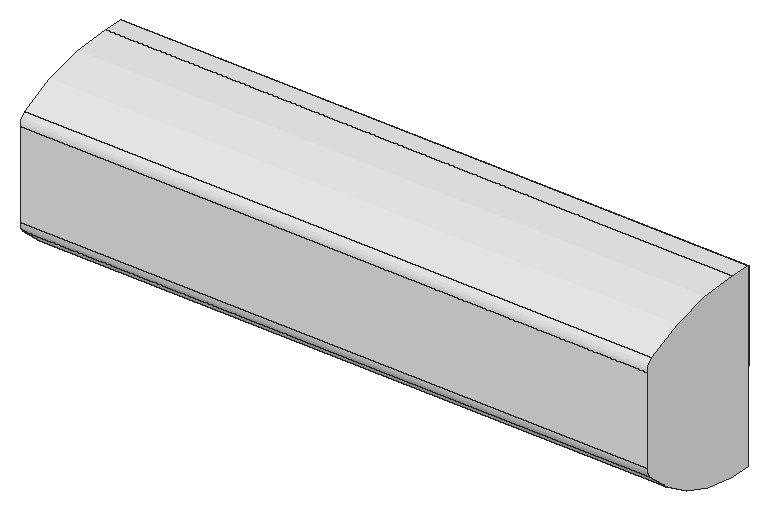
Revit family "Hitachi_RAS-50YHA3_RAS-60YHA3_VER2_0813", category Mechanical Equipment, Revit 2013
Parameters (values of type "RAS-60YHA3")
  show Overhead Dashed [instance] = no
  show Geometry [instance] = not(show Overhead Dashed)  # yes
  Width = 1030 mm  # constant formula
  Weight (kg) = 11  # constant formula
  URL = "www.temperzone.biz"
  Pipe Length (min./max.) = "3m to 30m"
  Pipe Height (max.) = "20m"
  Pipe Connection Size - Gas = 12.7 mm  # 12.70 mm
  Pip Connection Size - Liquid = 6.4 mm  # 6.40 mm
  Model - Outdoor = "RAC-60YHA3"
  Model = "RAS-60YHA3"
  Manufacturer = "Hitachi"  # constant formula
  Height = 295 mm  # constant formula
  Heating Range (kW) = "0.9 kW to 7.5 kW"
  Heating Capacity = 7 kW
  Energy Star = no
  Description = "Hitachi Wall Mounted 6.0kW Heatpump RAS-60YHA3"
  Depth = 207 mm  # constant formula
  Dehumidifying Capacity = "2.8 l/h"
  Cooling Range (kW) = "0.9 kW to 6.8 kW"
  Cooling Capacity = 6 kW
Types (2, lengths in mm): name | Pipe Height (max.) | Model - Outdoor | Model | Heating Range (kW) | Heating Capacity | Energy Star | Description | Cooling Range (kW) | Cooling Capacity
  RAS-60YHA3 | "20m" | "RAC-60YHA3" | "RAS-60YHA3" | "0.9 kW to 7.5 kW" | 7 kW | no | "Hitachi Wall Mounted 6.0kW Heatpump RAS-60YHA3" | "0.9 kW to 6.8 kW" | 6 kW
  RAS-50YHA3 | "10m" | "RAC-50YHA3" | "RAS-50YHA3" | "0.9 kW to 6.8 kW" | 6.1 kW | yes | "Hitachi Wall Mounted 5.0kW Heatpump RAS-50YHA3" | "0.9 kW to 5.8 kW" | 5 kW
Reference planes
  plane 1 "Center (Front/Back)": y = 0
  plane 2: z = 0
  plane 3 "Center (Left/Right)": x = 0
  plane 4: x = -515
  plane 5: x = 515
  plane 6: z = 1000
Forms (mm)
  Sweep 1, solid, material "Temperzone - Heatpump", visible <- "show Geometry", detail levels coarse
    path origin (4267.2, -793.002, 1000) x (0, -1, 0) y (1, 0, 0)
      loop
        line (-793.002, -3752.2) -> (-793.002, -4782.2)
    profile "RAS-50HA3_RAS-60YHA3_Coarse : Type 1" origin (0, 0, 1000) x (0, -1, 0) y (0, 0, 1)
      loop
        line (0, -295) -> (207, -295) -> (207, 0) -> (0, 0) -> (0, -295)
  Sweep 2, solid, material "Temperzone - Heatpump", detail levels coarse
    path origin (4267.2, -793.002, 1000) x (0, -1, 0) y (1, 0, 0)
      loop
        line (-793.002, -3752.2) -> (-793.002, -4782.2)
    profile "RAS-50HA3_RAS-60YHA3_Coarse : Type 1" origin (0, 0, 1000) x (0, -1, 0) y (0, 0, 1)
      loop
        line (0, -295) -> (207, -295) -> (207, 0) -> (0, 0) -> (0, -295)
  Sweep 3, solid, material "Temperzone - Heatpump", visible <- "show Geometry", detail levels medium+fine
    path origin (4267.2, -793.002, 1000) x (0, -1, 0) y (1, 0, 0)
      loop
        line (-793.002, -3752.2) -> (-793.002, -4782.2)
    profile "RAS-50HA3_RAS-60YHA3_Medium : Type 1" origin (0, 0, 1000) x (0, -1, 0) y (0, 0, 1)
      loop
        line (0, -295) -> (36.772, -295)
        arc (36.772, -295) -> (126.752, -274.749) -> (201.669, -220.955) r 231.348
        arc (201.669, -220.955) -> (205.62, -214.662) -> (207, -207.361) r 20
        line (207, -207.361) -> (207, -65.825)
        arc (207, -65.825) -> (204.504, -56.149) -> (197.637, -48.888) r 20
        arc (197.637, -48.888) -> (117.934, -12.962) -> (31.475, 0) r 319.31
        line (31.475, 0) -> (0, 0) -> (0, -295)
  Sweep 4, solid, material "Temperzone - Heatpump", detail levels medium+fine
    path origin (4267.2, -793.002, 1000) x (0, -1, 0) y (1, 0, 0)
      loop
        line (-793.002, -3752.2) -> (-793.002, -4782.2)
    profile "RAS-50HA3_RAS-60YHA3_Medium : Type 1" origin (0, 0, 1000) x (0, -1, 0) y (0, 0, 1)
      loop
        line (0, -295) -> (36.772, -295)
        arc (36.772, -295) -> (126.752, -274.749) -> (201.669, -220.955) r 231.348
        arc (201.669, -220.955) -> (205.62, -214.662) -> (207, -207.361) r 20
        line (207, -207.361) -> (207, -65.825)
        arc (207, -65.825) -> (204.504, -56.149) -> (197.637, -48.888) r 20
        arc (197.637, -48.888) -> (117.934, -12.962) -> (31.475, 0) r 319.31
        line (31.475, 0) -> (0, 0) -> (0, -295)
Lines and regions (mm)
  symbolic lines, style "Overhead", visible <- "show Overhead Dashed"
    curve 1: line (-515, -207, 0) -> (-515, 0, 0)
    curve 2: line (-515, -207, 0) -> (515, -207, 0)
    curve 3: line (515, 0, 0) -> (-515, 0, 0)
    curve 4: line (515, 0, 0) -> (515, -207, 0)
Dimensions and locks
  equal spacing: plane 4, plane 3 "Center (Left/Right)", plane 5
  plane 4 to plane 5 = 1030 mm
  aligned and locked: level to plane 2
Automatic sketch dimensions
  plane 1 "Center (Front/Back)" to curve 1 = 0 mm
  curve 1 to plane 4 = 0 mm
  curve 3 to plane 5 = 0 mm
  plane 1 "Center (Front/Back)" to curve 4 = 207 mm
  plane 1 "Center (Front/Back)" to Sweep 1 sketch curve = 0 mm
  Sweep 1 sketch curve to plane 4 = 0 mm
  Sweep 1 sketch curve to plane 5 = 0 mm
  plane 1 "Center (Front/Back)" to Sweep 2 sketch curve = 0 mm
  Sweep 2 sketch curve to plane 4 = 0 mm
  Sweep 2 sketch curve to plane 5 = 0 mm
  plane 1 "Center (Front/Back)" to Sweep 3 sketch curve = 0 mm
  Sweep 3 sketch curve to plane 4 = 0 mm
  Sweep 3 sketch curve to plane 5 = 0 mm
  plane 1 "Center (Front/Back)" to Sweep 4 sketch curve = 0 mm
  Sweep 4 sketch curve to plane 4 = 0 mm
  Sweep 4 sketch curve to plane 5 = 0 mm
